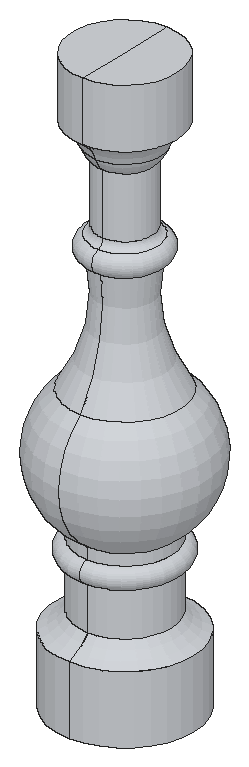
Revit family
Parameters
  built-in parameter 1008623 [instance] = 32.47°
  built-in parameter 1008625 [instance] = (empty or 0)
  Post = no
  built-in parameter 1008624 [instance] = 32.47°
  built-in parameter 1008622 [instance] = 750 mm
Reference planes
  plane 1 "Center (Front/Back)": y = 0
  plane 2: z = 0
  plane 3 "Center (Left/Right)": x = 0
  plane 4 "Top": z = 750
  plane 5 "Top Cut Angle": through (0, 339.699, 533.838) normal (0, -0.5369, -0.8437)
  plane 6 "Bottom Cut Angle": through (0, 0, 0) normal (0, -0.5369, -0.8437)
Forms (mm)
  Revolve 1, solid
    sketch origin (0, 0, 0) x (0, 1, 0) y (0, 0, 1)
      loop
        line (0, 717.554) -> (0, 0) -> (85, 0) -> (85, 83.81)
        arc (85, 83.81) -> (69.725, 92.281) -> (57.371, 104.629) r 62.841
        line (57.371, 104.629) -> (57.371, 160.115)
        arc (57.371, 160.115) -> (69.605, 172.349) -> (57.371, 184.583) r 12.234
        line (57.371, 184.583) -> (57.371, 198.693)
        arc (57.371, 198.693) -> (100.426, 271.16) -> (67.876, 348.913) r 93.747
        arc (67.876, 348.913) -> (37.716, 417.345) -> (37.434, 492.128) r 183.094
        arc (37.434, 492.128) -> (50.15, 504.042) -> (40.479, 518.536) r 13.473
        arc (40.479, 518.536) -> (35.245, 522.133) -> (33.23, 528.156) r 10.007
        line (33.23, 528.156) -> (33.23, 602.795)
        arc (33.23, 602.795) -> (39.586, 610.445) -> (43.964, 619.376) r 41.972
        arc (43.964, 619.376) -> (51.941, 633.614) -> (64.289, 644.286) r 47.218
        line (64.289, 644.286) -> (64.289, 717.554) -> (0, 717.554)
      axis (0, 0) -> (0, 717.554)
    angle from 0 to 360
Lines and regions (mm)
  model lines
    curve 1: line (0, 64.289, 717.554) -> (0, 64.289, 650.619)
    curve 2: line (0, 64.289, 650.619) -> (0, 64.289, 644.286)
    curve 3: arc (0, 64.289, 644.286) -> (0, 52.386, 634.158) -> (0, 44.479, 620.677) r 46.828
    curve 4: arc (0, 44.479, 620.677) -> (0, 40.999, 613.347) -> (0, 36.391, 606.669) r 50.52
    curve 5: line (0, 36.391, 606.669) -> (0, 33.23, 602.795)
    curve 6: line (0, 33.23, 602.795) -> (0, 33.23, 528.156)
    curve 7: arc (0, 33.23, 528.156) -> (0, 35.028, 522.455) -> (0, 39.769, 518.817) r 9.938
    curve 8: arc (0, 39.769, 518.817) -> (0, 48.841, 504.577) -> (0, 37.434, 492.128) r 13.868
    curve 9: arc (0, 37.434, 492.128) -> (0, 37.716, 417.345) -> (0, 67.876, 348.913) r 183.094
    curve 10: arc (0, 67.876, 348.913) -> (0, 100.426, 271.16) -> (0, 57.371, 198.693) r 93.747
    curve 11: line (0, 57.371, 198.693) -> (0, 57.371, 184.583)
    curve 12: arc (0, 57.371, 184.583) -> (0, 69.605, 172.349) -> (0, 57.371, 160.115) r 12.234
    curve 13: line (0, 57.371, 160.115) -> (0, 57.371, 104.629)
    curve 14: arc (0, 57.371, 104.629) -> (0, 69.725, 92.281) -> (0, 85, 83.81) r 62.841
    curve 15: line (0, 85, 83.81) -> (0, 85, 0)
    curve 16: line (0, 85, 0) -> (0, 0, 0)
    curve 17: line (0, 0, 0) -> (0, 0, 717.554)
    curve 18: line (0, 0, 717.554) -> (0, 64.289, 717.554)
Text (mm)
  text "Baluster Elevation" at (0, 987.338, 1092.824), in view "Left"
